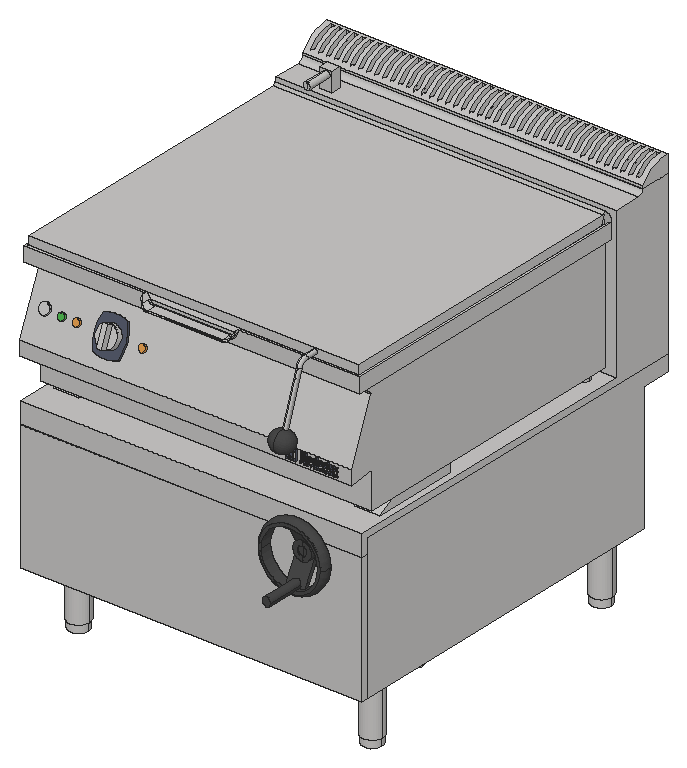
Revit family "QF_ELECTROLUXPROFESSIONAL_391281_E9BRGHDO40", category Specialty Equipment, Revit 2018 (continued)
Lines and regions (mm)
  symbolic lines
    curve 202: line (601.624, -6.768, 0) -> (592.328, -6.768, 0)
    curve 203: line (592.328, -6.768, 0) -> (592.328, -63.918, 0)
    curve 204: line (611.021, -63.918, 0) -> (620.317, -63.918, 0)
    curve 205: line (620.317, -63.918, 0) -> (620.317, -6.768, 0)
    curve 206: line (620.317, -6.768, 0) -> (611.021, -6.768, 0)
    curve 207: line (611.021, -6.768, 0) -> (611.021, -63.918, 0)
    curve 208: line (629.714, -63.918, 0) -> (639.009, -63.918, 0)
    curve 209: line (639.009, -63.918, 0) -> (639.009, -6.768, 0)
    curve 210: line (639.009, -6.768, 0) -> (629.714, -6.768, 0)
    curve 211: line (629.714, -6.768, 0) -> (629.714, -63.918, 0)
    curve 212: line (648.406, -63.918, 0) -> (657.702, -63.918, 0)
    curve 213: line (657.702, -63.918, 0) -> (657.702, -6.768, 0)
    curve 214: line (657.702, -6.768, 0) -> (648.406, -6.768, 0)
    curve 215: line (648.406, -6.768, 0) -> (648.406, -63.918, 0)
    curve 216: line (667.099, -63.918, 0) -> (676.395, -63.918, 0)
    curve 217: line (676.395, -63.918, 0) -> (676.395, -6.768, 0)
    curve 218: line (676.395, -6.768, 0) -> (667.099, -6.768, 0)
    curve 219: line (667.099, -6.768, 0) -> (667.099, -63.918, 0)
    curve 220: line (685.792, -63.918, 0) -> (695.087, -63.918, 0)
    curve 221: line (695.087, -63.918, 0) -> (695.087, -6.768, 0)
    curve 222: line (695.087, -6.768, 0) -> (685.792, -6.768, 0)
    curve 223: line (685.792, -6.768, 0) -> (685.792, -63.918, 0)
    curve 224: line (704.484, -63.918, 0) -> (713.78, -63.918, 0)
    curve 225: line (713.78, -63.918, 0) -> (713.78, -6.768, 0)
    curve 226: line (713.78, -6.768, 0) -> (704.484, -6.768, 0)
    curve 227: line (704.484, -6.768, 0) -> (704.484, -63.918, 0)
    curve 228: line (723.177, -63.918, 0) -> (732.472, -63.918, 0)
    curve 229: line (732.472, -63.918, 0) -> (732.472, -6.768, 0)
    curve 230: line (732.472, -6.768, 0) -> (723.177, -6.768, 0)
    curve 231: line (723.177, -6.768, 0) -> (723.177, -63.918, 0)
    curve 232: line (741.869, -63.918, 0) -> (751.165, -63.918, 0)
    curve 233: line (751.165, -63.918, 0) -> (751.165, -6.768, 0)
    curve 234: line (751.165, -6.768, 0) -> (741.869, -6.768, 0)
    curve 235: line (741.869, -6.768, 0) -> (741.869, -63.918, 0)
    curve 236: line (760.562, -63.918, 0) -> (769.858, -63.918, 0)
    curve 237: line (769.858, -63.918, 0) -> (769.858, -6.768, 0)
    curve 238: line (769.858, -6.768, 0) -> (760.562, -6.768, 0)
    curve 239: line (760.562, -6.768, 0) -> (760.562, -63.918, 0)
    curve 240: line (777.847, -63.918, 0) -> (787.142, -63.918, 0)
    curve 241: line (787.142, -63.918, 0) -> (787.142, -6.768, 0)
    curve 242: line (787.142, -6.768, 0) -> (777.847, -6.768, 0)
    curve 243: line (777.847, -6.768, 0) -> (777.847, -63.918, 0)
  symbolic lines, style "QF_Clearances", visible <- "Show Clearance", detail levels coarse
    curve 17: line (-50, 50, 150) -> (-50, -918.182, 150)
    curve 18: line (850, 50, 150) -> (850, -915, 150)
    curve 19: line (850, 50, 150) -> (-50, 50, 150)
Dimensions and locks
  equal spacing: plane 3 "LEFT", plane 7 "Center Y", plane 4 "RIGHT"
  plane 3 "LEFT" to plane 4 "RIGHT" = 800 mm
  equal spacing: plane 5 "FRONT", plane 8 "Center X", plane 1 "BACK"
  plane 5 "FRONT" to plane 1 "BACK" = 915 mm  (x2)
  plane 9 "Base" to level = 149 mm
  plane 11 to level = 1653 mm
  plane 11 to plane 2 = 1653 mm
  plane 9 "Base" to plane 2 = 149 mm
  plane 13 to plane 12 = 674 mm
  plane 1 "BACK" to plane 14 = 1034 mm  (x2)
  plane 6 "TOP" to plane 2 = 908 mm
  plane 14 to plane 1 "BACK" = 1034 mm
  plane 4 "RIGHT" to plane 17 to plane 15 to plane 3 "LEFT" = 55 mm, 690 mm, 55 mm
  plane 1 "BACK" to plane 18 = 1014 mm
  Extrusion 12 to plane 1 "BACK" = 69 mm
  Extrusion 6 to plane 9 "Base" = 701 mm
  plane 2 to Extrusion 12 = 448 mm
  Extrusion 3 to plane 13 = 100.182 mm
  plane 12 to Extrusion 12 = 56 mm
  plane 4 "RIGHT" to plane 20 = 14 mm
  plane 21 to plane 9 "Base" to level = 701 mm, 149 mm
  plane 1 "BACK" to Extrusion 12 = 69 mm
  Extrusion 12 to plane 12 = 56 mm
  plane 12 to plane 13 = 674 mm
  plane 13 to Extrusion 3 = 100.182 mm
  Extrusion 12 to level = 448 mm
  plane 6 "TOP" to level = 908 mm
  plane 22 "Connection" to level = 182 mm
  plane 1 "BACK" to plane 23 = 706 mm
  plane 3 "LEFT" to Extrusion 20 sketch curve = 105 mm
  Extrusion 21 sketch curve to plane 1 "BACK" = 698 mm
  plane 3 "LEFT" to Extrusion 21 sketch curve = 195 mm
  Extrusion 21 to plane 1 "BACK" = 698 mm
  plane 3 "LEFT" to Extrusion 22 sketch curve = 265 mm
  plane 3 "LEFT" to plane 25 = 105 mm
  plane 3 "LEFT" to plane 26 = 195 mm
  plane 3 "LEFT" to plane 24 = 265 mm
  Extrusion 3 to Extrusion 17 = 181 mm
  Extrusion 17 to Extrusion 3 = 181 mm
  plane 21 to level = 850 mm
  aligned and locked: level to plane 2
  aligned and locked: Extrusion 12 to plane 3 "LEFT"
Automatic sketch dimensions
  Revolve 1 sketch curve to plane 9 "Base" = 0 mm  (x2)
  Revolve 1 sketch curve to level = 0 mm
  Revolve 1 sketch curve to plane 15 = 0 mm  (x2)
  Revolve 1 sketch curve to Revolve 1 sketch curve = 22.9 mm
  Revolve 1 sketch curve to Revolve 1 sketch curve = 2.5 mm
  level to Revolve 1 sketch curve = 19.05 mm
  Revolve 1 sketch curve to plane 22 "Connection" = 13 mm
  Revolve 2 sketch curve to plane 9 "Base" = 0 mm  (x2)
  Revolve 2 sketch curve to level = 0 mm
  Revolve 2 sketch curve to plane 15 = 0 mm  (x2)
  Revolve 2 sketch curve to Revolve 2 sketch curve = 22.9 mm
  Revolve 2 sketch curve to Revolve 2 sketch curve = 2.5 mm
  level to Revolve 2 sketch curve = 19.05 mm
  Revolve 2 sketch curve to plane 22 "Connection" = 13 mm
  Extrusion 7 sketch curve to plane 10 = 0 mm
  Extrusion 7 sketch curve to plane 13 = 25.484 mm
  plane 13 to Extrusion 7 sketch curve = 28.261 mm
  plane 23 to Extrusion 7 sketch curve = 87.5 mm
  plane 10 to Extrusion 7 sketch curve = 26.213 mm
  Extrusion 8 sketch curve to plane 17 = 8.429 mm
  Extrusion 8 sketch curve to plane 15 = 8.429 mm
  Extrusion 8 sketch curve to plane 12 = 64.686 mm  (x2)
  Extrusion 9 sketch curve to plane 6 "TOP" = 10 mm
  Extrusion 9 sketch curve to plane 12 = 7.127 mm
  plane 12 to Extrusion 9 sketch curve = 16.931 mm
  plane 21 to Extrusion 9 sketch curve = 3.88 mm
  Revolve 10 sketch curve to plane 6 "TOP" = 19.903 mm
  Revolve 10 sketch curve to plane 12 = 63.311 mm
  Revolve 10 sketch curve to plane 12 = 7.127 mm
  Revolve 10 sketch curve to Revolve 10 sketch curve = 0 mm  (x2)
  plane 12 to Revolve 10 sketch curve = 1.394 mm
  Revolve 10 sketch curve to plane 6 "TOP" = 11.778 mm
  Revolve 13 sketch curve to plane 9 "Base" = 0 mm  (x2)
  Revolve 13 sketch curve to level = 0 mm
  plane 17 to Revolve 13 sketch curve = 0 mm  (x2)
  Revolve 13 sketch curve to plane 20 = 18.1 mm
  Revolve 13 sketch curve to Revolve 13 sketch curve = 2.5 mm
  Revolve 13 sketch curve to plane 22 "Connection" = 13 mm
  level to Revolve 13 sketch curve = 19.05 mm
  Revolve 14 sketch curve to plane 9 "Base" = 0 mm  (x2)
  Revolve 14 sketch curve to level = 0 mm
  plane 17 to Revolve 14 sketch curve = 0 mm  (x2)
  Revolve 14 sketch curve to plane 20 = 18.1 mm
  Revolve 14 sketch curve to Revolve 14 sketch curve = 2.5 mm
  Revolve 14 sketch curve to plane 22 "Connection" = 13 mm
  level to Revolve 14 sketch curve = 19.05 mm
  plane 18 to Revolve 16 sketch curve = 18.604 mm
  Revolve 16 sketch curve to Revolve 16 sketch curve = 0 mm  (x4)
  plane 18 to Revolve 16 sketch curve = 22.834 mm
  Revolve 16 sketch curve to Revolve 16 sketch curve = 3.746 mm
  Revolve 16 sketch curve to Revolve 16 sketch curve = 7.415 mm
  plane 10 to Revolve 16 sketch curve = 172.444 mm
  Revolve 16 sketch curve to Revolve 16 sketch curve = 22.45 mm
  plane 10 to Extrusion 19 sketch curve = 0 mm
  Extrusion 19 sketch curve to plane 13 = 25.484 mm
  plane 13 to Extrusion 19 sketch curve = 28.261 mm
  plane 23 to Extrusion 19 sketch curve = 87.5 mm
  plane 10 to Extrusion 19 sketch curve = 26.213 mm
  plane 17 to Sweep 24 sketch curve = 60 mm
  Sweep 24 sketch curve to plane 10 = 63.57 mm
  Sweep 24 sketch curve to profile plane = 1.641 mm
  Sweep 24 sketch curve to profile plane = 7.394 mm
  Sweep 24 sketch curve to Sweep 24 sketch curve = 5.753 mm
  Sweep 24 sketch curve to Sweep 24 sketch curve = 6.722 mm
  Sweep 24 sketch curve to Sweep 24 sketch curve = 3.093 mm
  profile plane to Sweep 24 sketch curve = 740.784 mm
  Sweep 24 sketch curve to Sweep 24 sketch curve = 3.53 mm
  Sweep 24 sketch curve to Sweep 24 sketch curve = 10.864 mm
  plane 17 to Extrusion 26 sketch curve = 60 mm
  Extrusion 26 sketch curve to plane 10 = 124.454 mm
  Extrusion 27 sketch curve to Extrusion 27 sketch curve = 0 mm  (x4)
  Extrusion 27 sketch curve to plane 24 = 24.996 mm
  Extrusion 27 sketch curve to Extrusion 27 sketch curve = 4.545 mm
  Extrusion 27 sketch curve to Extrusion 27 sketch curve = 2.771 mm  (x2)
  Extrusion 27 sketch curve to Extrusion 27 sketch curve = 14.214 mm
  Extrusion 27 sketch curve to plane 21 = 40.578 mm
  plane 7 "Center Y" to Extrusion 27 sketch curve = 88.474 mm
  Extrusion 27 sketch curve to plane 21 = 32.378 mm
  Extrusion 27 sketch curve to Extrusion 27 sketch curve = 14.203 mm
  Extrusion 27 sketch curve to plane 21 = 33.978 mm
  Extrusion 27 sketch curve to plane 21 = 19.699 mm
  Extrusion 27 sketch curve to Extrusion 27 sketch curve = 7.32 mm
  Extrusion 27 sketch curve to Extrusion 27 sketch curve = 6.606 mm
  Extrusion 27 sketch curve to Extrusion 27 sketch curve = 6.4 mm  (x2)
  Extrusion 27 sketch curve to Extrusion 27 sketch curve = 7.872 mm
  plane 26 to Extrusion 29 sketch curve = 22.344 mm
  plane 24 to Extrusion 29 sketch curve = 31.059 mm
  Extrusion 29 sketch curve to Extrusion 29 sketch curve = 0 mm
  Extrusion 29 sketch curve to plane 26 = 8.324 mm
  Extrusion 29 sketch curve to Extrusion 29 sketch curve = 12.3 mm  (x2)
  plane 24 to Extrusion 29 sketch curve = 7.4 mm
  Extrusion 29 sketch curve to Extrusion 29 sketch curve = 34.925 mm  (x2)
  Extrusion 29 sketch curve to Extrusion 29 sketch curve = 50.015 mm
  plane 26 to Extrusion 29 sketch curve = 20.225 mm
  Extrusion 30 sketch curve to plane 25 = 17.623 mm
  plane 25 to Extrusion 31 sketch curve = 17.681 mm
  Extrusion 32 sketch curve to plane 26 = 7.917 mm
  Extrusion 33 sketch curve to Extrusion 33 sketch curve = 24.732 mm
  Extrusion 33 sketch curve to Extrusion 33 sketch curve = 0 mm
  Extrusion 34 sketch curve to plane 15 = 7.427 mm
  Extrusion 35 sketch curve to plane 24 = 12.623 mm
  Extrusion 36 sketch curve to plane 11 = 87.075 mm
  plane 8 "Center X" to Extrusion 36 sketch curve = 110.667 mm
  Extrusion 36 sketch curve to Extrusion 36 sketch curve = 694.86 mm
  Extrusion 36 sketch curve to Extrusion 36 sketch curve = 15.993 mm
  Extrusion 36 sketch curve to Extrusion 36 sketch curve = 5.354 mm
  Extrusion 36 sketch curve to Extrusion 36 sketch curve = 3.503 mm
  Extrusion 36 sketch curve to Extrusion 36 sketch curve = 12.189 mm
  Extrusion 36 sketch curve to Extrusion 36 sketch curve = 3.348 mm
  Extrusion 36 sketch curve to Extrusion 36 sketch curve = 18.4 mm  (x2)
  Extrusion 36 sketch curve to Extrusion 36 sketch curve = 2.697 mm
  Extrusion 36 sketch curve to Extrusion 36 sketch curve = 14.057 mm
  Extrusion 36 sketch curve to Extrusion 36 sketch curve = 4.418 mm
  Extrusion 36 sketch curve to Extrusion 36 sketch curve = 11 mm
  Extrusion 36 sketch curve to Extrusion 36 sketch curve = 6.539 mm
  Sweep 37 sketch curve to plane 8 "Center X" = 20.462 mm
  Sweep 37 sketch curve to plane 11 = 28.458 mm
  Sweep 37 sketch curve to Sweep 37 sketch curve = 41.037 mm
  Sweep 37 sketch curve to Sweep 37 sketch curve = 18.794 mm
  Sweep 37 sketch curve to Sweep 37 sketch curve = 28.354 mm
  Sweep 37 sketch curve to Sweep 37 sketch curve = 105.908 mm
  Sweep 37 sketch curve to Sweep 37 sketch curve = 6.84 mm
  Sweep 37 sketch curve to profile plane = 0 mm
  profile plane to Sweep 37 sketch curve = 676.16 mm
  Revolve 38 sketch curve to plane 11 = 23.591 mm
  Revolve 38 sketch curve to plane 8 "Center X" = 65.198 mm
  Revolve 38 sketch curve to Revolve 38 sketch curve = 0 mm  (x4)
  Revolve 38 sketch curve to Revolve 38 sketch curve = 4.229 mm
  Revolve 38 sketch curve to Revolve 38 sketch curve = 3.746 mm
  Revolve 38 sketch curve to Revolve 38 sketch curve = 7.415 mm
  Revolve 38 sketch curve to Revolve 38 sketch curve = 22.45 mm
  Extrusion 40 sketch curve to plane 21 = 53.641 mm
  plane 7 "Center Y" to Extrusion 40 sketch curve = 110 mm
  Extrusion 40 sketch curve to plane 21 = 32.378 mm
  Extrusion 40 sketch curve to Extrusion 40 sketch curve = 7.323 mm
  Extrusion 40 sketch curve to Extrusion 40 sketch curve = 14.203 mm
  Extrusion 40 sketch curve to plane 24 = 46.526 mm
  Extrusion 40 sketch curve to Extrusion 40 sketch curve = 14.214 mm
  Extrusion 40 sketch curve to Extrusion 40 sketch curve = 7.316 mm
  Extrusion 40 sketch curve to Extrusion 40 sketch curve = 21.27 mm
  Extrusion 40 sketch curve to Extrusion 40 sketch curve = 8.2 mm
  Extrusion 40 sketch curve to Extrusion 40 sketch curve = 12.672 mm
  Extrusion 40 sketch curve to Extrusion 40 sketch curve = 12.685 mm
  Extrusion 39 sketch curve to Extrusion 39 sketch curve = 0 mm  (x28)
  plane 17 to Extrusion 39 sketch curve = 31.031 mm
  plane 10 to Extrusion 39 sketch curve = 104.853 mm
  Extrusion 39 sketch curve to Extrusion 39 sketch curve = 3.509 mm  (x2)
  Extrusion 39 sketch curve to plane 17 = 9.633 mm
  Extrusion 39 sketch curve to Extrusion 39 sketch curve = 2.459 mm  (x3)
  Extrusion 39 sketch curve to plane 17 = 1.86 mm
  plane 17 to Extrusion 39 sketch curve = 4.143 mm
  Extrusion 39 sketch curve to Extrusion 39 sketch curve = 5.968 mm
  Extrusion 39 sketch curve to Extrusion 39 sketch curve = 0.918 mm  (x4)
  Extrusion 39 sketch curve to Extrusion 39 sketch curve = 0.949 mm  (x2)
  Extrusion 39 sketch curve to Extrusion 39 sketch curve = 1.035 mm
  Extrusion 39 sketch curve to Extrusion 39 sketch curve = 1.047 mm
  Extrusion 39 sketch curve to Extrusion 39 sketch curve = 3.513 mm  (x2)
  plane 17 to Extrusion 39 sketch curve = 36.887 mm
  Extrusion 39 sketch curve to Extrusion 39 sketch curve = 0.045 mm  (x2)
  plane 17 to Extrusion 39 sketch curve = 29.554 mm
  Extrusion 39 sketch curve to Extrusion 39 sketch curve = 0.277 mm
  Extrusion 39 sketch curve to Extrusion 39 sketch curve = 0.3 mm  (x2)
  Extrusion 39 sketch curve to Extrusion 39 sketch curve = 0.004 mm  (x3)
  Extrusion 39 sketch curve to Extrusion 39 sketch curve = 0.636 mm
  Extrusion 39 sketch curve to Extrusion 39 sketch curve = 0.02 mm  (x2)
  plane 17 to Extrusion 39 sketch curve = 36.125 mm
  Extrusion 39 sketch curve to Extrusion 39 sketch curve = 0.479 mm  (x2)
  plane 17 to Extrusion 39 sketch curve = 28.791 mm
  Extrusion 39 sketch curve to Extrusion 39 sketch curve = 1.645 mm
  Extrusion 39 sketch curve to Extrusion 39 sketch curve = 1.672 mm
  plane 17 to Extrusion 39 sketch curve = 4.181 mm
  Extrusion 39 sketch curve to Extrusion 39 sketch curve = 1.71 mm
  Extrusion 39 sketch curve to Extrusion 39 sketch curve = 0.447 mm  (x2)
  Extrusion 39 sketch curve to Extrusion 39 sketch curve = 0.343 mm
  plane 17 to Extrusion 39 sketch curve = 65.019 mm
  Extrusion 39 sketch curve to Extrusion 39 sketch curve = 0.246 mm
  Extrusion 39 sketch curve to Extrusion 39 sketch curve = 0.124 mm  (x2)
  Extrusion 39 sketch curve to Extrusion 39 sketch curve = 1.995 mm
  Extrusion 39 sketch curve to plane 17 = 3.68 mm
  Extrusion 39 sketch curve to Extrusion 39 sketch curve = 0.996 mm  (x2)
  Extrusion 39 sketch curve to Extrusion 39 sketch curve = 0.509 mm
  Extrusion 39 sketch curve to Extrusion 39 sketch curve = 2.427 mm  (x2)
  Extrusion 39 sketch curve to Extrusion 39 sketch curve = 0.616 mm  (x2)
  Extrusion 39 sketch curve to Extrusion 39 sketch curve = 0.017 mm  (x2)
  Extrusion 39 sketch curve to Extrusion 39 sketch curve = 0.926 mm
  Extrusion 39 sketch curve to Extrusion 39 sketch curve = 0.911 mm
  Extrusion 39 sketch curve to Extrusion 39 sketch curve = 1.839 mm
  Extrusion 39 sketch curve to Extrusion 39 sketch curve = 0.306 mm  (x2)
  Extrusion 39 sketch curve to Extrusion 39 sketch curve = 0.917 mm  (x3)
  Extrusion 39 sketch curve to Extrusion 39 sketch curve = 0.159 mm  (x2)
  Extrusion 39 sketch curve to plane 17 = 3.231 mm
  Extrusion 39 sketch curve to Extrusion 39 sketch curve = 1.342 mm
  Extrusion 39 sketch curve to Extrusion 39 sketch curve = 0.187 mm  (x2)
  Extrusion 39 sketch curve to Extrusion 39 sketch curve = 0.679 mm  (x2)
  Extrusion 39 sketch curve to Extrusion 39 sketch curve = 0.67 mm
  Extrusion 39 sketch curve to Extrusion 39 sketch curve = 0.002 mm
  Extrusion 39 sketch curve to Extrusion 39 sketch curve = 0.007 mm  (x3)
  Extrusion 39 sketch curve to Extrusion 39 sketch curve = 0.383 mm  (x4)
  plane 17 to Extrusion 39 sketch curve = 26.86 mm
  plane 17 to Extrusion 39 sketch curve = 34.193 mm
  Extrusion 39 sketch curve to Extrusion 39 sketch curve = 0.075 mm  (x2)
  Extrusion 39 sketch curve to Extrusion 39 sketch curve = 0.677 mm  (x2)
  Extrusion 39 sketch curve to Extrusion 39 sketch curve = 0.957 mm
  Extrusion 39 sketch curve to Extrusion 39 sketch curve = 1.024 mm
  Extrusion 39 sketch curve to Extrusion 39 sketch curve = 0.328 mm  (x2)
  plane 17 to Extrusion 39 sketch curve = 26.143 mm
  Extrusion 39 sketch curve to Extrusion 39 sketch curve = 0.492 mm  (x2)
  plane 17 to Extrusion 39 sketch curve = 33.476 mm
  Extrusion 39 sketch curve to plane 17 = 3.201 mm
  Extrusion 39 sketch curve to Extrusion 39 sketch curve = 1.815 mm
  Extrusion 39 sketch curve to Extrusion 39 sketch curve = 3.936 mm
  plane 17 to Extrusion 39 sketch curve = 6.401 mm
  Extrusion 39 sketch curve to Extrusion 39 sketch curve = 1.802 mm
  Extrusion 39 sketch curve to Extrusion 39 sketch curve = 0.781 mm
  plane 17 to Extrusion 39 sketch curve = 18.717 mm  (x4)
  Extrusion 39 sketch curve to Extrusion 39 sketch curve = 4.769 mm
  plane 17 to Extrusion 39 sketch curve = 43.012 mm  (x4)
  Extrusion 39 sketch curve to Extrusion 39 sketch curve = 4.78 mm
  plane 17 to Extrusion 39 sketch curve = 2.789 mm
  Extrusion 39 sketch curve to Extrusion 39 sketch curve = 4.809 mm
  plane 17 to Extrusion 39 sketch curve = 54.783 mm
  Extrusion 39 sketch curve to Extrusion 39 sketch curve = 4.821 mm
  plane 17 to Extrusion 39 sketch curve = 32.77 mm
  Extrusion 39 sketch curve to Extrusion 39 sketch curve = 5.852 mm
  Extrusion 39 sketch curve to plane 17 = 10.755 mm
  Extrusion 39 sketch curve to Extrusion 39 sketch curve = 5.071 mm  (x3)
  Extrusion 39 sketch curve to plane 17 = 5.598 mm
  Extrusion 39 sketch curve to Extrusion 39 sketch curve = 0.003 mm  (x2)
  plane 17 to Extrusion 39 sketch curve = 33.791 mm
  Extrusion 39 sketch curve to Extrusion 39 sketch curve = 0.046 mm
  plane 17 to Extrusion 39 sketch curve = 71.33 mm
  Extrusion 39 sketch curve to Extrusion 39 sketch curve = 0.068 mm
  Extrusion 39 sketch curve to Extrusion 39 sketch curve = 10.348 mm
  plane 17 to Extrusion 39 sketch curve = 38.925 mm  (x2)
  Extrusion 39 sketch curve to Extrusion 39 sketch curve = 1.761 mm
  plane 17 to Extrusion 39 sketch curve = 50.493 mm
  Extrusion 39 sketch curve to Extrusion 39 sketch curve = 1.821 mm
  plane 17 to Extrusion 39 sketch curve = 54.702 mm
  Extrusion 39 sketch curve to Extrusion 39 sketch curve = 2.064 mm  (x2)
  Extrusion 39 sketch curve to Extrusion 39 sketch curve = 2.196 mm  (x3)
  Extrusion 39 sketch curve to Extrusion 39 sketch curve = 2.206 mm  (x2)
  plane 17 to Extrusion 39 sketch curve = 2.77 mm
  Extrusion 39 sketch curve to Extrusion 39 sketch curve = 2.216 mm
  Extrusion 39 sketch curve to Extrusion 39 sketch curve = 0.588 mm
  Extrusion 39 sketch curve to Extrusion 39 sketch curve = 0.037 mm
  Extrusion 39 sketch curve to Extrusion 39 sketch curve = 0.109 mm
  plane 17 to Extrusion 39 sketch curve = 32.761 mm
  Extrusion 39 sketch curve to Extrusion 39 sketch curve = 2.272 mm  (x2)
  Extrusion 39 sketch curve to plane 17 = 4.747 mm
  Extrusion 39 sketch curve to Extrusion 39 sketch curve = 2.435 mm
  Extrusion 39 sketch curve to Extrusion 39 sketch curve = 1.25 mm
  plane 17 to Extrusion 39 sketch curve = 51.95 mm
  Extrusion 39 sketch curve to Extrusion 39 sketch curve = 1.417 mm
  plane 17 to Extrusion 39 sketch curve = 40.422 mm  (x2)
  Extrusion 39 sketch curve to Extrusion 39 sketch curve = 1.558 mm  (x2)
  Extrusion 39 sketch curve to plane 17 = 11.031 mm
  Extrusion 39 sketch curve to Extrusion 39 sketch curve = 3.247 mm
  Extrusion 39 sketch curve to plane 17 = 8.176 mm  (x2)
  Extrusion 39 sketch curve to Extrusion 39 sketch curve = 0.339 mm
  Extrusion 39 sketch curve to Extrusion 39 sketch curve = 4.029 mm
  Extrusion 39 sketch curve to plane 17 = 1.884 mm
  Extrusion 39 sketch curve to Extrusion 39 sketch curve = 1.655 mm
  plane 17 to Extrusion 39 sketch curve = 4.985 mm
  Extrusion 39 sketch curve to Extrusion 39 sketch curve = 0.201 mm
  plane 17 to Extrusion 39 sketch curve = 37.42 mm
  Extrusion 39 sketch curve to Extrusion 39 sketch curve = 2.769 mm
  plane 17 to Extrusion 39 sketch curve = 0.553 mm
  Extrusion 39 sketch curve to Extrusion 39 sketch curve = 0.162 mm
  Extrusion 39 sketch curve to Extrusion 39 sketch curve = 0.137 mm
  plane 17 to Extrusion 39 sketch curve = 72.357 mm
  Extrusion 39 sketch curve to Extrusion 39 sketch curve = 2.101 mm
  Extrusion 39 sketch curve to Extrusion 39 sketch curve = 0.103 mm  (x2)
  Extrusion 39 sketch curve to Extrusion 39 sketch curve = 2.671 mm
  plane 17 to Extrusion 39 sketch curve = 60.227 mm
  Extrusion 39 sketch curve to Extrusion 39 sketch curve = 0.566 mm
  plane 17 to Extrusion 39 sketch curve = 24.258 mm
  Extrusion 39 sketch curve to Extrusion 39 sketch curve = 3.183 mm  (x2)
  plane 17 to Extrusion 39 sketch curve = 13.177 mm
  Extrusion 39 sketch curve to Extrusion 39 sketch curve = 5.077 mm
  plane 17 to Extrusion 39 sketch curve = 21.859 mm
  plane 17 to Extrusion 39 sketch curve = 15.575 mm
  plane 17 to Extrusion 39 sketch curve = 48.557 mm
  Extrusion 39 sketch curve to Extrusion 39 sketch curve = 0.627 mm
  plane 17 to Extrusion 39 sketch curve = 46.149 mm
  plane 17 to Extrusion 39 sketch curve = 28.375 mm  (x2)
  Extrusion 39 sketch curve to Extrusion 39 sketch curve = 0.262 mm
  Extrusion 39 sketch curve to plane 17 = 6.847 mm
  Extrusion 39 sketch curve to Extrusion 39 sketch curve = 1.773 mm
  Extrusion 39 sketch curve to plane 17 = 9.507 mm
  Extrusion 39 sketch curve to Extrusion 39 sketch curve = 1.793 mm
  Extrusion 39 sketch curve to Extrusion 39 sketch curve = 1.788 mm
  plane 17 to Extrusion 39 sketch curve = 52.274 mm
  Extrusion 39 sketch curve to Extrusion 39 sketch curve = 1.7 mm
  Extrusion 39 sketch curve to Extrusion 39 sketch curve = 1.733 mm
  Extrusion 39 sketch curve to Extrusion 39 sketch curve = 4.169 mm
  Extrusion 39 sketch curve to Extrusion 39 sketch curve = 1.242 mm
  Extrusion 39 sketch curve to Extrusion 39 sketch curve = 2.572 mm  (x2)
  Extrusion 39 sketch curve to plane 17 = 11.394 mm
  Extrusion 39 sketch curve to Extrusion 39 sketch curve = 2.881 mm
  Extrusion 39 sketch curve to Extrusion 39 sketch curve = 3.582 mm
  plane 17 to Extrusion 39 sketch curve = 25.635 mm
  Extrusion 39 sketch curve to Extrusion 39 sketch curve = 0.101 mm
  Extrusion 39 sketch curve to plane 17 = 4.843 mm
  Extrusion 39 sketch curve to Extrusion 39 sketch curve = 2.74 mm
  Extrusion 39 sketch curve to Extrusion 39 sketch curve = 1.113 mm
  plane 17 to Extrusion 39 sketch curve = 54.844 mm  (x2)
  Extrusion 39 sketch curve to Extrusion 39 sketch curve = 2.226 mm
  Extrusion 39 sketch curve to Extrusion 39 sketch curve = 2.28 mm
  Extrusion 39 sketch curve to Extrusion 39 sketch curve = 0.585 mm
  Extrusion 39 sketch curve to plane 17 = 3.341 mm
  Extrusion 39 sketch curve to Extrusion 39 sketch curve = 2.054 mm
  Extrusion 39 sketch curve to plane 17 = 13.011 mm
  Extrusion 39 sketch curve to Extrusion 39 sketch curve = 2.203 mm
  Extrusion 39 sketch curve to Extrusion 39 sketch curve = 1.51 mm
  Extrusion 39 sketch curve to Extrusion 39 sketch curve = 5.923 mm
  plane 17 to Extrusion 39 sketch curve = 24.628 mm
  Extrusion 39 sketch curve to Extrusion 39 sketch curve = 2.337 mm
  Extrusion 39 sketch curve to Extrusion 39 sketch curve = 1.561 mm
  Extrusion 39 sketch curve to Extrusion 39 sketch curve = 3.319 mm
  Extrusion 39 sketch curve to Extrusion 39 sketch curve = 0.191 mm
  Extrusion 39 sketch curve to Extrusion 39 sketch curve = 2.274 mm
  Extrusion 39 sketch curve to Extrusion 39 sketch curve = 3.888 mm  (x2)
  Extrusion 39 sketch curve to Extrusion 39 sketch curve = 0.986 mm
  Extrusion 39 sketch curve to Extrusion 39 sketch curve = 2.599 mm  (x2)
  Extrusion 39 sketch curve to Extrusion 39 sketch curve = 2.865 mm
  Extrusion 39 sketch curve to Extrusion 39 sketch curve = 0.998 mm  (x6)
  Extrusion 39 sketch curve to Extrusion 39 sketch curve = 1.022 mm
  Extrusion 39 sketch curve to Extrusion 39 sketch curve = 1.117 mm
  Extrusion 39 sketch curve to Extrusion 39 sketch curve = 1.993 mm
  Extrusion 39 sketch curve to Extrusion 39 sketch curve = 1.073 mm
  Extrusion 39 sketch curve to Extrusion 39 sketch curve = 0.448 mm  (x2)
  Extrusion 39 sketch curve to Extrusion 39 sketch curve = 0.9 mm
  Extrusion 39 sketch curve to plane 17 = 0.788 mm
  Extrusion 39 sketch curve to Extrusion 39 sketch curve = 1.008 mm
  Extrusion 39 sketch curve to Extrusion 39 sketch curve = 2.221 mm
  Extrusion 39 sketch curve to Extrusion 39 sketch curve = 0.971 mm
  Extrusion 39 sketch curve to Extrusion 39 sketch curve = 2.438 mm
  Extrusion 39 sketch curve to Extrusion 39 sketch curve = 1.849 mm
  Extrusion 39 sketch curve to Extrusion 39 sketch curve = 2.419 mm
  Extrusion 39 sketch curve to Extrusion 39 sketch curve = 6.696 mm  (x2)
  Extrusion 39 sketch curve to Extrusion 39 sketch curve = 5.345 mm
  Extrusion 39 sketch curve to Extrusion 39 sketch curve = 0.421 mm  (x2)
  Extrusion 39 sketch curve to Extrusion 39 sketch curve = 0.078 mm  (x2)
  Extrusion 39 sketch curve to Extrusion 39 sketch curve = 0.133 mm  (x2)
  Extrusion 39 sketch curve to Extrusion 39 sketch curve = 0.006 mm  (x2)
  Extrusion 39 sketch curve to Extrusion 39 sketch curve = 0.23 mm  (x2)
  Extrusion 39 sketch curve to Extrusion 39 sketch curve = 0.065 mm  (x2)
  Extrusion 39 sketch curve to Extrusion 39 sketch curve = 0.279 mm  (x2)
  Extrusion 39 sketch curve to Extrusion 39 sketch curve = 0.251 mm  (x2)
  Extrusion 39 sketch curve to Extrusion 39 sketch curve = 0.134 mm  (x2)
  Extrusion 39 sketch curve to Extrusion 39 sketch curve = 0.009 mm  (x2)
  Extrusion 39 sketch curve to Extrusion 39 sketch curve = 0.164 mm  (x2)
  Extrusion 39 sketch curve to Extrusion 39 sketch curve = 0.077 mm  (x2)
  Extrusion 39 sketch curve to Extrusion 39 sketch curve = 0.866 mm  (x2)
  Extrusion 39 sketch curve to Extrusion 39 sketch curve = 2.398 mm
  Extrusion 39 sketch curve to Extrusion 39 sketch curve = 2.034 mm
  Extrusion 39 sketch curve to Extrusion 39 sketch curve = 2.418 mm
  Extrusion 39 sketch curve to Extrusion 39 sketch curve = 1.355 mm
  Extrusion 39 sketch curve to Extrusion 39 sketch curve = 3.835 mm
  Extrusion 39 sketch curve to Extrusion 39 sketch curve = 0.047 mm  (x2)
  Extrusion 39 sketch curve to Extrusion 39 sketch curve = 0.135 mm
  Extrusion 39 sketch curve to Extrusion 39 sketch curve = 0.977 mm
  Extrusion 39 sketch curve to Extrusion 39 sketch curve = 0.409 mm
  Extrusion 39 sketch curve to Extrusion 39 sketch curve = 4.118 mm
  Extrusion 39 sketch curve to Extrusion 39 sketch curve = 0.175 mm
  Extrusion 39 sketch curve to Extrusion 39 sketch curve = 1.289 mm
  Extrusion 39 sketch curve to Extrusion 39 sketch curve = 1.827 mm
  Extrusion 39 sketch curve to Extrusion 39 sketch curve = 2.51 mm
  Extrusion 39 sketch curve to Extrusion 39 sketch curve = 0.061 mm
  Extrusion 39 sketch curve to Extrusion 39 sketch curve = 6.931 mm
  Extrusion 39 sketch curve to Extrusion 39 sketch curve = 1.165 mm
  Extrusion 39 sketch curve to Extrusion 39 sketch curve = 2.417 mm
  Extrusion 39 sketch curve to Extrusion 39 sketch curve = 1.133 mm
  Extrusion 39 sketch curve to Extrusion 39 sketch curve = 0.82 mm
  Extrusion 39 sketch curve to Extrusion 39 sketch curve = 1.717 mm
  Extrusion 39 sketch curve to Extrusion 39 sketch curve = 0.161 mm
  Extrusion 39 sketch curve to Extrusion 39 sketch curve = 1.885 mm
  Extrusion 39 sketch curve to Extrusion 39 sketch curve = 2.261 mm
  Extrusion 39 sketch curve to Extrusion 39 sketch curve = 1.718 mm
  Extrusion 39 sketch curve to Extrusion 39 sketch curve = 0.886 mm
  Extrusion 39 sketch curve to Extrusion 39 sketch curve = 0.969 mm
  Extrusion 39 sketch curve to Extrusion 39 sketch curve = 0.001 mm
  Extrusion 39 sketch curve to Extrusion 39 sketch curve = 5.646 mm
  Extrusion 39 sketch curve to Extrusion 39 sketch curve = 0.067 mm
  Extrusion 39 sketch curve to Extrusion 39 sketch curve = 0.04 mm
  Extrusion 39 sketch curve to Extrusion 39 sketch curve = 0.939 mm
  Extrusion 39 sketch curve to Extrusion 39 sketch curve = 0.873 mm
  Extrusion 39 sketch curve to Extrusion 39 sketch curve = 2.416 mm
  Extrusion 39 sketch curve to Extrusion 39 sketch curve = 9.714 mm
  Extrusion 39 sketch curve to Extrusion 39 sketch curve = 8.795 mm
  Extrusion 39 sketch curve to Extrusion 39 sketch curve = 1.097 mm  (x2)
  Extrusion 39 sketch curve to Extrusion 39 sketch curve = 1.972 mm
  Extrusion 39 sketch curve to Extrusion 39 sketch curve = 0.238 mm
  Extrusion 39 sketch curve to Extrusion 39 sketch curve = 3.568 mm
  Extrusion 39 sketch curve to Extrusion 39 sketch curve = 3.898 mm
  Extrusion 39 sketch curve to Extrusion 39 sketch curve = 0.915 mm  (x2)
  Extrusion 39 sketch curve to Extrusion 39 sketch curve = 0.408 mm  (x2)
  Extrusion 39 sketch curve to Extrusion 39 sketch curve = 0.453 mm  (x2)
  Extrusion 39 sketch curve to Extrusion 39 sketch curve = 0.239 mm  (x2)
  Extrusion 39 sketch curve to Extrusion 39 sketch curve = 0.266 mm  (x2)
  Extrusion 39 sketch curve to Extrusion 39 sketch curve = 0.148 mm  (x2)
  Extrusion 39 sketch curve to Extrusion 39 sketch curve = 0.764 mm  (x2)
  Extrusion 39 sketch curve to Extrusion 39 sketch curve = 0.041 mm  (x2)
  Extrusion 39 sketch curve to Extrusion 39 sketch curve = 1.266 mm  (x2)
  level to Extrusion 42 sketch curve = 866.248 mm
  plane 12 to Extrusion 42 sketch curve = 53.372 mm
  plane 1 "BACK" to Extrusion 42 sketch curve = 1.777 mm
  plane 1 "BACK" to Extrusion 42 sketch curve = 0.008 mm
  level to Extrusion 42 sketch curve = 823.125 mm
  Extrusion 42 sketch curve to Extrusion 42 sketch curve = 5.055 mm
  plane 20 to Extrusion 41 sketch curve = 1.142 mm
  Extrusion 41 sketch curve to plane 20 = 8.153 mm
  Extrusion 41 sketch curve to Extrusion 41 sketch curve = 7.989 mm
  Extrusion 41 sketch curve to Extrusion 41 sketch curve = 9.296 mm  (x35)
  Extrusion 41 sketch curve to plane 17 = 6.165 mm
  plane 17 to Extrusion 41 sketch curve = 3.131 mm
  Extrusion 41 sketch curve to Extrusion 41 sketch curve = 9.397 mm  (x34)
  plane 7 "Center Y" to Extrusion 41 sketch curve = 5.402 mm
  Extrusion 41 sketch curve to plane 7 "Center Y" = 3.994 mm
  Extrusion 41 sketch curve to plane 24 = 0.157 mm
  plane 24 to Extrusion 41 sketch curve = 9.138 mm
  Extrusion 41 sketch curve to plane 26 = 4.784 mm
  plane 26 to Extrusion 41 sketch curve = 4.613 mm
  Extrusion 41 sketch curve to plane 25 = 1.321 mm
  plane 25 to Extrusion 41 sketch curve = 8.076 mm
  plane 15 to Extrusion 41 sketch curve = 4.539 mm
  Extrusion 41 sketch curve to plane 15 = 4.757 mm
  plane 1 "BACK" to Extrusion 41 sketch curve = 6.768 mm  (x42)
  Extrusion 41 sketch curve to Extrusion 41 sketch curve = 57.15 mm  (x3)
  Extrusion 41 sketch curve to Extrusion 41 sketch curve = 0 mm  (x39)
  plane 3 "LEFT" to curve 79 = 12.858 mm
  curve 78 to curve 78 = 9.296 mm
  curve 76 to curve 80 = 9.397 mm
  curve 80 to curve 81 = 9.296 mm
  curve 87 to plane 15 = 4.757 mm
  plane 15 to curve 86 = 4.539 mm
  curve 84 to curve 88 = 9.397 mm
  curve 90 to curve 89 = 9.296 mm
  curve 88 to curve 92 = 9.397 mm
  plane 25 to curve 93 = 8.076 mm
  curve 96 to plane 25 = 1.321 mm
  curve 98 to curve 97 = 9.296 mm
  curve 96 to curve 103 = 9.397 mm
  curve 102 to curve 102 = 9.296 mm
  curve 100 to curve 104 = 9.397 mm
  curve 104 to curve 105 = 9.296 mm
  curve 104 to curve 111 = 9.397 mm
  curve 110 to curve 110 = 9.296 mm
  curve 108 to curve 115 = 9.397 mm
  plane 26 to curve 114 = 4.613 mm
  curve 116 to plane 26 = 4.784 mm
  curve 116 to curve 117 = 9.296 mm
  curve 116 to curve 123 = 9.397 mm
  curve 122 to curve 122 = 9.296 mm
  curve 120 to curve 124 = 9.397 mm
  curve 124 to curve 125 = 9.296 mm
  plane 24 to curve 131 = 9.138 mm
  curve 130 to plane 24 = 0.157 mm
  curve 128 to curve 135 = 9.397 mm
  curve 134 to curve 134 = 9.296 mm
  curve 132 to curve 136 = 9.397 mm
  curve 136 to curve 137 = 9.296 mm
  curve 136 to curve 140 = 9.397 mm
  curve 142 to curve 141 = 9.296 mm
  curve 140 to curve 144 = 9.397 mm
  curve 146 to curve 145 = 9.296 mm
  curve 144 to curve 148 = 9.397 mm
  curve 150 to curve 149 = 9.296 mm
  curve 148 to curve 152 = 9.397 mm
  curve 154 to curve 153 = 9.296 mm
  curve 152 to curve 156 = 9.397 mm
  curve 157 to plane 7 "Center Y" = 3.994 mm
  plane 7 "Center Y" to curve 160 = 5.402 mm
  curve 162 to curve 161 = 9.296 mm
  curve 160 to curve 164 = 9.397 mm
  curve 166 to curve 165 = 9.296 mm
  curve 164 to curve 168 = 9.397 mm
  curve 170 to curve 169 = 9.296 mm
  curve 168 to curve 175 = 9.397 mm
  curve 174 to curve 174 = 9.296 mm
  curve 172 to curve 179 = 9.397 mm
  curve 178 to curve 178 = 9.296 mm
  curve 176 to curve 180 = 9.397 mm
  curve 180 to curve 181 = 9.296 mm
  curve 180 to curve 187 = 9.397 mm
  curve 186 to curve 186 = 9.296 mm
  curve 184 to curve 188 = 9.397 mm
  curve 188 to curve 189 = 9.296 mm
  curve 188 to curve 192 = 9.397 mm
  curve 194 to curve 193 = 9.296 mm
  curve 192 to curve 196 = 9.397 mm
  curve 198 to curve 197 = 9.296 mm
  curve 196 to curve 200 = 9.397 mm
  curve 202 to curve 201 = 9.296 mm
  curve 200 to curve 204 = 9.397 mm
  curve 206 to curve 205 = 9.296 mm
  curve 204 to curve 208 = 9.397 mm
  curve 210 to curve 209 = 9.296 mm
  curve 208 to curve 212 = 9.397 mm
  curve 214 to curve 213 = 9.296 mm
  curve 212 to curve 216 = 9.397 mm
  curve 218 to curve 217 = 9.296 mm
  curve 216 to curve 220 = 9.397 mm
  curve 222 to curve 221 = 9.296 mm
  curve 220 to curve 224 = 9.397 mm
  curve 226 to curve 225 = 9.296 mm
  curve 224 to curve 228 = 9.397 mm
  curve 230 to curve 229 = 9.296 mm
  plane 17 to curve 235 = 3.131 mm
  curve 234 to plane 17 = 6.165 mm
  curve 232 to curve 239 = 9.397 mm
  curve 238 to curve 238 = 9.296 mm
  curve 240 to plane 20 = 8.153 mm
  plane 20 to curve 241 = 1.142 mm
  plane 12 to curve 76 = 61.082 mm
  plane 12 to curve 241 = 61.082 mm
  curve 239 to curve 240 = 0 mm
  curve 76 to curve 80 = 0 mm
  curve 235 to curve 236 = 0 mm
  curve 80 to curve 84 = 0 mm
  curve 231 to curve 232 = 0 mm
  curve 84 to curve 88 = 0 mm
  curve 227 to curve 228 = 0 mm
  curve 88 to curve 92 = 0 mm
  curve 223 to curve 224 = 0 mm
  curve 92 to curve 96 = 0 mm
  curve 219 to curve 220 = 0 mm
  curve 96 to curve 100 = 0 mm
  curve 215 to curve 216 = 0 mm
  curve 100 to curve 104 = 0 mm
  curve 211 to curve 212 = 0 mm
  curve 104 to curve 108 = 0 mm
  curve 207 to curve 208 = 0 mm
  curve 108 to curve 112 = 0 mm
  curve 203 to curve 204 = 0 mm
  curve 112 to curve 116 = 0 mm
  curve 199 to curve 200 = 0 mm
  curve 116 to curve 120 = 0 mm
  curve 195 to curve 196 = 0 mm
  curve 120 to curve 124 = 0 mm
  curve 191 to curve 192 = 0 mm
  curve 124 to curve 128 = 0 mm
  curve 187 to curve 188 = 0 mm
  curve 128 to curve 132 = 0 mm
  curve 183 to curve 184 = 0 mm
  curve 132 to curve 136 = 0 mm
  curve 179 to curve 180 = 0 mm
  curve 136 to curve 140 = 0 mm
  curve 175 to curve 176 = 0 mm
  curve 140 to curve 144 = 0 mm
  curve 171 to curve 172 = 0 mm
  curve 144 to curve 148 = 0 mm
  curve 167 to curve 168 = 0 mm
  curve 148 to curve 152 = 0 mm
  curve 163 to curve 164 = 0 mm
  curve 152 to curve 156 = 0 mm
  plane 1 "BACK" to curve 158 = 6.768 mm
  plane 1 "BACK" to curve 161 = 6.768 mm
  plane 1 "BACK" to curve 155 = 6.768 mm
  plane 1 "BACK" to curve 165 = 6.768 mm
  plane 1 "BACK" to curve 151 = 6.768 mm
  plane 1 "BACK" to curve 169 = 6.768 mm
  plane 1 "BACK" to curve 147 = 6.768 mm
  plane 1 "BACK" to curve 173 = 6.768 mm
  plane 1 "BACK" to curve 143 = 6.768 mm
  plane 1 "BACK" to curve 177 = 6.768 mm
  plane 1 "BACK" to curve 139 = 6.768 mm
  plane 1 "BACK" to curve 181 = 6.768 mm
  plane 1 "BACK" to curve 135 = 6.768 mm
  plane 1 "BACK" to curve 185 = 6.768 mm
  plane 1 "BACK" to curve 131 = 6.768 mm
  plane 1 "BACK" to curve 189 = 6.768 mm
  plane 1 "BACK" to curve 127 = 6.768 mm
  plane 1 "BACK" to curve 193 = 6.768 mm
  plane 1 "BACK" to curve 123 = 6.768 mm
  plane 1 "BACK" to curve 197 = 6.768 mm
  plane 1 "BACK" to curve 119 = 6.768 mm
  plane 1 "BACK" to curve 201 = 6.768 mm
  plane 1 "BACK" to curve 115 = 6.768 mm
  plane 1 "BACK" to curve 205 = 6.768 mm
  plane 1 "BACK" to curve 111 = 6.768 mm
  plane 1 "BACK" to curve 209 = 6.768 mm
  plane 1 "BACK" to curve 107 = 6.768 mm
  plane 1 "BACK" to curve 213 = 6.768 mm
  plane 1 "BACK" to curve 103 = 6.768 mm
  plane 1 "BACK" to curve 217 = 6.768 mm
  plane 1 "BACK" to curve 99 = 6.768 mm
  plane 1 "BACK" to curve 221 = 6.768 mm
  plane 1 "BACK" to curve 95 = 6.768 mm
  plane 1 "BACK" to curve 225 = 6.768 mm
  plane 1 "BACK" to curve 91 = 6.768 mm
  plane 1 "BACK" to curve 229 = 6.768 mm
  plane 1 "BACK" to curve 87 = 6.768 mm
  plane 1 "BACK" to curve 233 = 6.768 mm
  plane 1 "BACK" to curve 83 = 6.768 mm
  plane 1 "BACK" to curve 237 = 6.768 mm
  plane 1 "BACK" to curve 79 = 6.768 mm
  plane 1 "BACK" to curve 241 = 6.768 mm
  plane 1 "BACK" to curve 16 = 0 mm
  curve 16 to plane 4 "RIGHT" = 0 mm
  plane 5 "FRONT" to curve 75 = 0 mm
  plane 5 "FRONT" to curve 14 = 0 mm
  plane 5 "FRONT" to curve 67 = 0 mm
  plane 5 "FRONT" to curve 1 = 0 mm
  curve 8 to plane 3 "LEFT" = 0 mm
  curve 9 to plane 4 "RIGHT" = 5 mm
  plane 20 to curve 15 = 1.637 mm
  plane 17 to curve 21 = 55 mm
  curve 21 to curve 33 = 5 mm
  curve 33 to curve 20 = 5 mm
  curve 58 to plane 26 = 13.703 mm
  curve 56 to plane 26 = 2.131 mm
  curve 12 to plane 25 = 12.192 mm
  curve 32 to plane 25 = 11.843 mm
  curve 26 to plane 25 = 6.375 mm
  plane 25 to curve 13 = 0.933 mm
  curve 27 to curve 13 = 4.184 mm
  curve 27 to curve 30 = 7.657 mm
  plane 3 "LEFT" to curve 15 = 12.363 mm
  plane 3 "LEFT" to curve 6 = 5 mm
  plane 12 to curve 31 = 16.931 mm
  curve 29 to plane 12 = 7.127 mm
  curve 9 to plane 12 = 35.853 mm
  curve 6 to plane 12 = 35.853 mm
  curve 3 to curve 51 = 11.257 mm
  curve 10 to curve 27 = 16.201 mm
  curve 26 to curve 13 = 4.36 mm
  curve 15 to plane 5 "FRONT" = 23.18 mm
  curve 15 to curve 2 = 7.363 mm
  curve 15 to curve 74 = 7.363 mm
  plane 5 "FRONT" to curve 57 = 9.708 mm
  plane 18 to curve 20 = 33.995 mm
  curve 21 to curve 24 = 0 mm
  curve 24 to curve 33 = 7.415 mm
  plane 20 to curve 75 = 4 mm
  curve 7 to curve 52 = 1.363 mm
  curve 25 to curve 21 = 2.891 mm
  curve 22 to curve 25 = 0 mm
  curve 24 to curve 21 = 0 mm
  curve 22 to curve 33 = 0 mm
  curve 73 to plane 5 "FRONT" = 15.818 mm
  plane 7 "Center Y" to curve 73 = 119.371 mm
  curve 73 to curve 14 = 14.828 mm
  curve 67 to plane 24 = 30.414 mm
  curve 2 to plane 24 = 15.622 mm
  plane 5 "FRONT" to curve 60 = 0.021 mm
  curve 60 to curve 60 = 17.07 mm
  plane 5 "FRONT" to curve 59 = 0.021 mm
  plane 26 to curve 59 = 14.939 mm
  plane 3 "LEFT" to curve 1 = 10 mm
  plane 12 to curve 8 = 53.372 mm
  curve 9 to curve 7 = 10.8 mm
  curve 33 to curve 20 = 18.691 mm
  curve 22 to curve 23 = 5.737 mm
  curve 25 to curve 20 = 5.737 mm
  curve 25 to curve 23 = 0 mm
  curve 23 to curve 33 = 2.717 mm
  plane 5 "FRONT" to curve 18 = 0 mm
  plane 4 "RIGHT" to curve 18 = 50 mm
  curve 19 to plane 3 "LEFT" = 50 mm
  curve 17 to plane 1 "BACK" = 50 mm
  plane 5 "FRONT" to curve 17 = 3.182 mm
  Extrusion 3 sketch curve to plane 10 = 0 mm
  Extrusion 3 sketch curve to plane 9 "Base" = 0 mm
  Extrusion 3 sketch curve to plane 27 "Fume" = 0 mm
  Extrusion 3 sketch curve to plane 1 "BACK" = 0 mm
  plane 12 to Extrusion 3 sketch curve = 53.372 mm
  Extrusion 3 sketch curve to Extrusion 3 sketch curve = 12.368 mm
  Extrusion 3 sketch curve to plane 12 = 25 mm
  Extrusion 3 sketch curve to plane 5 "FRONT" = 30.818 mm  (x2)
  Extrusion 3 sketch curve to plane 10 = 15 mm
  Extrusion 3 sketch curve to Extrusion 3 sketch curve = 15 mm
  Extrusion 3 sketch curve to plane 5 "FRONT" = 15.818 mm
  Extrusion 3 sketch curve to Extrusion 3 sketch curve = 36 mm
  Extrusion 3 sketch curve to Extrusion 3 sketch curve = 1 mm
  Extrusion 4 sketch curve to plane 5 "FRONT" = 0 mm
  Extrusion 4 sketch curve to plane 5 "FRONT" = 21.818 mm
  Extrusion 4 sketch curve to Extrusion 4 sketch curve = 35.236 mm
  plane 10 to Extrusion 4 sketch curve = 26.213 mm
  Extrusion 4 sketch curve to plane 13 = 56.447 mm
  Extrusion 4 sketch curve to plane 12 = 45.653 mm
  Extrusion 4 sketch curve to Extrusion 4 sketch curve = 77.688 mm
  Extrusion 4 sketch curve to Extrusion 4 sketch curve = 7.312 mm
  Extrusion 4 sketch curve to Extrusion 4 sketch curve = 35 mm
  Extrusion 4 sketch curve to plane 21 = 75.554 mm
  Extrusion 4 sketch curve to plane 21 = 40.319 mm
  Extrusion 4 sketch curve to plane 21 = 32.873 mm
  plane 16 to Sweep 5 sketch curve = 0 mm
  Sweep 5 sketch curve to plane 4 "RIGHT" = 5 mm
  plane 3 "LEFT" to Sweep 5 sketch curve = 5 mm
  Sweep 5 sketch curve to plane 5 "FRONT" = 15.818 mm  (x2)
  plane 7 "Center Y" to Sweep 5 sketch curve = 110 mm
  Sweep 5 sketch curve to plane 24 = 25 mm
  Sweep 5 sketch curve to profile plane = 0 mm
  profile plane to Sweep 5 sketch curve = 5 mm
  Sweep 5 sketch curve to Sweep 5 sketch curve = 1 mm
  profile plane to Sweep 5 sketch curve = 651.359 mm
  Sweep 5 sketch curve to Sweep 5 sketch curve = 29.703 mm
  Sweep 5 sketch curve to Sweep 5 sketch curve = 4.238 mm
  Extrusion 6 sketch curve to plane 21 = 0 mm
  Extrusion 6 sketch curve to plane 5 "FRONT" = 23.18 mm
  Extrusion 6 sketch curve to plane 21 = 33.757 mm
  Extrusion 6 sketch curve to plane 12 = 71.96 mm
  Extrusion 6 sketch curve to plane 21 = 19.699 mm
  Extrusion 6 sketch curve to Extrusion 6 sketch curve = 15.993 mm
  Extrusion 6 sketch curve to plane 21 = 8.699 mm
  Extrusion 6 sketch curve to Extrusion 6 sketch curve = 5.354 mm
  Extrusion 6 sketch curve to Extrusion 6 sketch curve = 3.503 mm
  Extrusion 6 sketch curve to Extrusion 6 sketch curve = 12.189 mm
  plane 21 to Extrusion 6 sketch curve = 6.539 mm
  Extrusion 6 sketch curve to Extrusion 6 sketch curve = 3.348 mm
  Extrusion 6 sketch curve to plane 21 = 17.978 mm
  Extrusion 6 sketch curve to Extrusion 6 sketch curve = 22.819 mm
  Extrusion 6 sketch curve to Extrusion 6 sketch curve = 2.697 mm
  plane 5 "FRONT" to Extrusion 11 sketch curve = 0 mm  (x2)
  Extrusion 11 sketch curve to plane 3 "LEFT" = 0 mm
  plane 1 "BACK" to Extrusion 11 sketch curve = 0 mm
  Extrusion 11 sketch curve to plane 4 "RIGHT" = 0 mm
  Extrusion 11 sketch curve to plane 3 "LEFT" = 50 mm
  plane 4 "RIGHT" to Extrusion 11 sketch curve = 50 mm
  Extrusion 11 sketch curve to plane 1 "BACK" = 50 mm
  Extrusion 12 sketch curve to plane 9 "Base" = 0 mm
  Extrusion 12 sketch curve to plane 1 "BACK" = 0 mm
  plane 12 to Extrusion 12 sketch curve = 56 mm
  Extrusion 12 sketch curve to plane 5 "FRONT" = 30.818 mm
  Extrusion 12 sketch curve to plane 10 = 54.193 mm
  Extrusion 12 sketch curve to plane 10 = 15 mm
  plane 5 "FRONT" to Sweep 15 sketch curve = 23.968 mm
  plane 5 "FRONT" to Sweep 15 sketch curve = 5.174 mm
  Sweep 15 sketch curve to plane 21 = 27.169 mm
  Sweep 15 sketch curve to Sweep 15 sketch curve = 6.84 mm
  plane 18 to Sweep 15 sketch curve = 33.995 mm
  Sweep 15 sketch curve to plane 5 "FRONT" = 23.18 mm
  Sweep 15 sketch curve to Sweep 15 sketch curve = 112.748 mm
  Sweep 15 sketch curve to profile plane = 0 mm
  profile plane to Sweep 15 sketch curve = 676.16 mm
  Extrusion 17 sketch curve to Extrusion 12 = 14 mm
  Extrusion 17 sketch curve to Extrusion 12 = 166 mm
  Extrusion 18 sketch curve to Extrusion 3 = 12.75 mm
  Extrusion 3 to Extrusion 18 sketch curve = 115 mm
  Extrusion 20 sketch curve to plane 23 = 0 mm
  Extrusion 22 sketch curve to plane 23 = 0 mm
  plane 5 "FRONT" to Revolve 23 sketch curve = 14.182 mm
  Revolve 23 sketch curve to Revolve 23 sketch curve = 1.362 mm  (x2)
  plane 5 "FRONT" to Revolve 23 sketch curve = 4.182 mm
  Revolve 23 sketch curve to plane 5 "FRONT" = 0.818 mm
  Revolve 23 sketch curve to Revolve 23 sketch curve = 15 mm
  Revolve 23 sketch curve to plane 10 = 63.57 mm
  Revolve 23 sketch curve to Revolve 23 sketch curve = 10 mm
  Revolve 23 sketch curve to Revolve 23 sketch curve = 11.16 mm
  Revolve 23 sketch curve to Revolve 23 sketch curve = 5 mm
  Revolve 23 sketch curve to Revolve 23 sketch curve = 7.32 mm
  Revolve 23 sketch curve to Revolve 23 sketch curve = 16.362 mm
  Revolve 23 sketch curve to Revolve 23 sketch curve = 0 mm
  plane 10 to Extrusion 25 sketch curve = 2.302 mm
  plane 5 "FRONT" to Extrusion 25 sketch curve = 37.304 mm  (x2)
  Extrusion 25 sketch curve to Extrusion 25 sketch curve = 7.309 mm  (x2)
  plane 5 "FRONT" to Extrusion 25 sketch curve = 4.786 mm
  Extrusion 25 sketch curve to plane 5 "FRONT" = 0.818 mm
  Extrusion 25 sketch curve to plane 10 = 53.57 mm
  Extrusion 25 sketch curve to Extrusion 25 sketch curve = 3.091 mm  (x2)
  Extrusion 25 sketch curve to Extrusion 25 sketch curve = 13.819 mm
  Extrusion 25 sketch curve to Extrusion 25 sketch curve = 58.963 mm
  curve 50 to plane 4 "RIGHT" = 0 mm
  plane 5 "FRONT" to curve 53 = 0 mm
  plane 5 "FRONT" to curve 42 = 0 mm
  curve 36 to plane 14 = 0 mm
  plane 5 "FRONT" to curve 43 = 0 mm
  plane 5 "FRONT" to curve 54 = 0 mm
  curve 49 to plane 3 "LEFT" = 0 mm
  curve 46 to plane 17 = 18.359 mm
  curve 37 to plane 17 = 12.606 mm
  curve 40 to curve 41 = 5.753 mm
  curve 40 to plane 17 = 2.864 mm
  plane 17 to curve 36 = 50 mm
  curve 34 to curve 36 = 20 mm
  curve 35 to curve 44 = 52.864 mm
  curve 44 to curve 38 = 9.742 mm
  curve 44 to curve 48 = 9.742 mm
  plane 5 "FRONT" to curve 45 = 29.996 mm
  curve 38 to curve 45 = 5.753 mm
  plane 5 "FRONT" to curve 70 = 4.277 mm
  plane 7 "Center Y" to curve 70 = 95.475 mm
  curve 70 to plane 24 = 39.523 mm
  plane 5 "FRONT" to curve 47 = 26.466 mm
  curve 38 to curve 39 = 3.53 mm
  curve 41 to curve 41 = 3.53 mm
  curve 38 to curve 44 = 10.884 mm
  curve 41 to curve 40 = 10.884 mm
  plane 20 to curve 53 = 4 mm
  plane 17 to curve 42 = 36.608 mm
  curve 42 to curve 37 = 7.038 mm
  curve 42 to curve 46 = 18.392 mm
  curve 47 to curve 46 = 0 mm
  curve 47 to curve 38 = 10 mm
  curve 39 to curve 38 = 0 mm
  curve 39 to curve 48 = 11.354 mm
  curve 38 to curve 43 = 15.971 mm
  curve 68 to plane 5 "FRONT" = 15.818 mm
  curve 68 to curve 69 = 23.896 mm
  curve 69 to curve 69 = 11.938 mm
  curve 68 to plane 5 "FRONT" = 0.965 mm
  curve 69 to curve 68 = 1.965 mm
  curve 68 to curve 69 = 0.006 mm
  curve 69 to plane 5 "FRONT" = 5.606 mm
  curve 70 to curve 69 = 8.908 mm
  curve 72 to plane 5 "FRONT" = 5.613 mm
  curve 72 to curve 70 = 8.911 mm
  curve 72 to plane 5 "FRONT" = 0.971 mm
  curve 72 to curve 72 = 9.976 mm
  curve 71 to plane 5 "FRONT" = 0.969 mm
  curve 72 to curve 71 = 0.006 mm
  curve 71 to plane 24 = 15.622 mm
  plane 24 to curve 65 = 7.4 mm
  curve 65 to curve 63 = 18.697 mm
  curve 63 to curve 63 = 4.962 mm
  curve 62 to curve 64 = 5.624 mm
  curve 64 to curve 61 = 1.683 mm  (x2)
  curve 64 to curve 62 = 2.505 mm
  curve 61 to plane 5 "FRONT" = 2.513 mm
  curve 61 to plane 26 = 13.703 mm
  curve 66 to plane 26 = 8.298 mm
  curve 62 to curve 66 = 0 mm  (x2)
  curve 64 to plane 26 = 7.917 mm
  curve 61 to curve 64 = 0 mm
  curve 64 to plane 26 = 2.131 mm
  plane 26 to curve 66 = 15.129 mm
  curve 66 to curve 64 = 0.67 mm
  curve 61 to curve 65 = 4.861 mm
  curve 65 to curve 65 = 5.076 mm
  curve 65 to curve 65 = 1.823 mm
  curve 65 to curve 63 = 18.827 mm
  curve 63 to curve 66 = 13.072 mm
  curve 50 to plane 25 = 6.375 mm
  plane 25 to curve 49 = 9.875 mm
  curve 63 to plane 15 = 1.83 mm
  plane 3 "LEFT" to curve 54 = 10 mm
  curve 64 to plane 5 "FRONT" = 2.513 mm
  curve 62 to plane 5 "FRONT" = 7.915 mm
  curve 61 to curve 66 = 4.2 mm
  curve 64 to curve 62 = 2.999 mm
  curve 61 to curve 66 = 2.999 mm
  curve 63 to curve 62 = 6.575 mm
  curve 71 to curve 72 = 10.205 mm
  curve 65 to curve 65 = 6.575 mm
  curve 54 to plane 5 "FRONT" = 15.818 mm
  curve 53 to plane 5 "FRONT" = 15.818 mm
  curve 50 to plane 12 = 25 mm
  curve 49 to curve 50 = 0 mm
  plane 18 to curve 35 = 1.953 mm
  plane 18 to curve 34 = 1.953 mm
  Extrusion 28 sketch curve to plane 5 "FRONT" = 10.347 mm
  plane 5 "FRONT" to Extrusion 28 sketch curve = 6.769 mm
  Extrusion 28 sketch curve to plane 21 = 46.536 mm
  Extrusion 28 sketch curve to plane 21 = 18.745 mm
  radius of Extrusion 8 sketch curve = 15 mm  (x2)
  radius of Sweep 24 sketch curve = 80 mm
  radius of Extrusion 26 sketch curve = 10 mm
  radius of Extrusion 30 sketch curve = 8 mm
  radius of Extrusion 31 sketch curve = 8 mm
  radius of Extrusion 32 sketch curve = 25.4 mm
  radius of Extrusion 33 sketch curve to Extrusion 32 = 0 mm  (x2)
  radius of Extrusion 34 sketch curve = 12.7 mm
  radius of Extrusion 35 sketch curve = 8 mm
  radius of Sweep 37 sketch curve = 5 mm
  radius of Extrusion 39 sketch curve = 2.521 mm  (x2)
  radius of Extrusion 39 sketch curve = 1.6 mm
  radius of Extrusion 39 sketch curve = 1.51 mm
  radius of Sweep 15 sketch curve = 5 mm
  radius of Extrusion 17 sketch curve = 12.7 mm
  radius of Extrusion 18 sketch curve = 30 mm
  radius of Extrusion 20 sketch curve = 6.35 mm
  radius of Extrusion 21 sketch curve = 6.35 mm
  radius of Extrusion 22 sketch curve = 6.35 mm
Connectors
  piping at (105, -706, 182), diameter 12.8
    settings: on Extrusion 20, index 1, connector inside diameter 0.50394", connector length 0 mm, flow factor 0, pipe flow 0 GPM, pressure drop 0.00 psi, fitting loss kfactor 0, connector angle 0.00°, fixture units 0, engagement length 0 mm, angle of deflection 0.00°, flow configuration 1, flow direction 1, fitting loss method 0, system type 7, joint type 0, gender type 0, connector reference index -1, connector utility 0, adjustable connector no, is connector primary yes, connector description "GAS CONNECTION"
  piping at (195, -698, 182), diameter 19
    settings: on Extrusion 21, index 2, connector inside diameter 0.74803", connector length 0 mm, flow factor 0, pipe flow 0 GPM, pressure drop 0.00 psi, fitting loss kfactor 0, connector angle 0.00°, fixture units 0, engagement length 0 mm, angle of deflection 0.00°, flow configuration 1, flow direction 1, fitting loss method 0, system type 20, joint type 0, gender type 0, connector reference index -1, connector utility 0, adjustable connector no, is connector primary no, connector description "COLD WATER INLET"
  electrical at (265, -706, 182)
    settings: on Extrusion 22, index 3, voltage 230 V, apparent load 250 VA, apparent load phase1 0 VA, apparent load phase2 0 VA, apparent load phase3 0 VA, power factor 1, load classification "Other", number of poles 1, system type 30, power factor state 1, is connector primary yes, connector utility no, sub classification motor no, connector description "ELECTRICAL CONNECTION"
